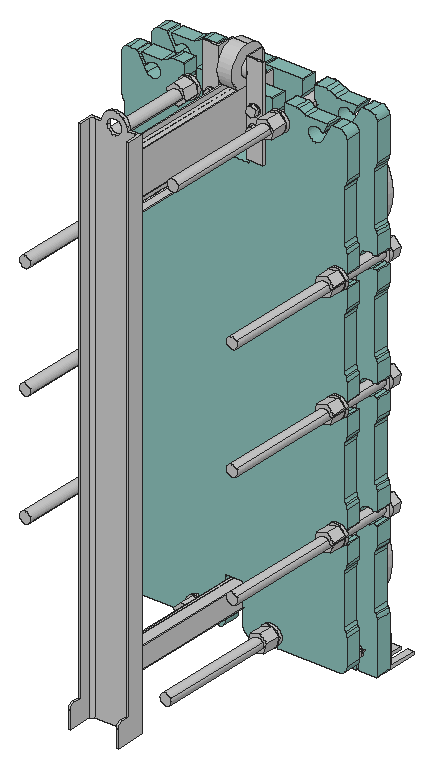
Revit family "Ekin_Endüstriyel - MIT741", category Specialty Equipment, Revit 2022 (continued)
Forms (mm)
  Extrusion 32, void
    sketch origin (-52.5, -548, 0) x (1, 0, 0) y (0, 0, 1)
      loop
        circle (52.5, 1451.5) r 20
    from -8 to 72
  Extrusion 33, void
    sketch origin (-67.5, -620, 0) x (0, 1, 0) y (0, 0, -1)
      loop
        arc (15, -60) -> (4.393, -55.607) -> (0, -45) r 15
        line (0, -45) -> (0, -2134) -> (35, -2134) -> (35, -60) -> (15, -60)
    from -143.878 to 16.14
  Extrusion 34, solid, material "Galvanized Steel- S235JR", detail levels fine
    sketch origin (0, 0, 0) x (1, 0, 0) y (0, 0, 1)
      loop
        circle (252.5, 46.75) r 14
      loop
        circle (-252.5, 46.75) r 14
    from -11 to -8
  Extrusion 35, solid, material "Galvanized Steel", detail levels medium
    sketch origin (4.063, 0, 0) x (1, 0, 0) y (0, 0, 1)
      loop
        line (-309.063, 0) -> (-204.063, 0) -> (-204.063, 25) -> (-179.063, 50) -> (170.937, 50) -> (195.937, 25) -> (195.937, 0) -> (300.937, 0) -> (300.937, 1380) -> (-309.063, 1380) -> (-309.063, 0)
      loop
        circle (-152.563, 1140) r 65
      loop
        circle (-152.563, 250) r 65
      loop
        circle (-284.063, 1004.99) r 21
      loop
        circle (-224.063, 1333) r 20
      loop
        circle (-284.063, 695) r 21
      loop
        circle (-284.063, 385) r 21
      loop
        circle (-256.563, 46.75) r 11
      loop
        circle (-104.063, 77.5) r 21
      loop
        circle (-4.063, 90) r 9.5
      loop
        circle (-4.063, 150) r 9.5
      loop
        circle (-124.063, 1330) r 21
      loop
        circle (-4.063, 1343) r 9.5
      loop
        circle (-4.063, 1283) r 9.5
      loop
        circle (144.437, 1140) r 65
      loop
        circle (144.437, 250) r 65
      loop
        circle (275.937, 1004.99) r 21
      loop
        circle (215.937, 1333) r 20
      loop
        circle (275.937, 695) r 21
      loop
        circle (275.937, 385) r 21
      loop
        circle (248.437, 46.75) r 11
      loop
        circle (95.937, 77.5) r 21
      loop
        circle (115.937, 1330) r 21
    from 0 to 40
  Extrusion 36, solid, material "Galvanized Steel", detail levels medium
    sketch origin (4.063, -102, 0) x (-1, 0, 0) y (0, 0, 1)
      loop
        line (-18.937, 50) -> (-18.937, 180) -> (27.063, 180) -> (27.063, 50) -> (309.063, 50) -> (309.063, 1380) -> (45.063, 1380) -> (45.063, 1200.5) -> (-36.937, 1200.5) -> (-36.937, 1380) -> (-300.937, 1380) -> (-300.937, 50) -> (-18.937, 50)
      loop
        circle (-95.937, 77.5) r 21
      loop
        circle (-275.937, 385) r 21
      loop
        circle (-275.937, 695) r 21
      loop
        circle (-275.937, 1004.99) r 21
      loop
        circle (-115.937, 1330) r 21
      loop
        circle (-215.937, 1333) r 20
      loop
        circle (104.063, 77.5) r 21
      loop
        circle (284.063, 385) r 21
      loop
        circle (284.063, 695) r 21
      loop
        circle (284.063, 1004.99) r 21
      loop
        circle (124.063, 1330) r 21
      loop
        circle (224.063, 1333) r 20
      loop
        circle (61.763, 1337.7) r 10.5
      loop
        circle (61.763, 1287.7) r 10.5
      loop
        circle (-53.637, 1287.7) r 10.5
      loop
        circle (-53.637, 1337.7) r 10.5
    from 0 to -40 <- "Follower Plate"
  Extrusion 37, solid, material "AISI 316L/Titanium/Hastelloy", detail levels medium
    sketch origin (0, -40, 0) x (-1, 0, 0) y (0, 0, 1)
      loop
        circle (-148.5, 1140) r 72.5
      loop
        circle (-148.5, 250) r 72.5
      loop
        line (-10.629, 1246.5) -> (-177, 1246.5) -> (-247, 1176.5) -> (-247, 213.5) -> (-177, 143.5) -> (-10.629, 143.5) -> (-41.555, 177) -> (41.555, 177) -> (10.629, 143.5) -> (177, 143.5) -> (247, 213.5) -> (247, 1176.5) -> (177, 1246.5) -> (10.629, 1246.5) -> (41.555, 1213) -> (-41.555, 1213) -> (-10.629, 1246.5)
      loop
        circle (148.5, 1140) r 72.5
      loop
        circle (148.5, 250) r 72.5
    from 0 to -62
  Extrusion 38, solid, material "AISI 316L/Titanium/Hastelloy", detail levels coarse
    sketch origin (0, -40, 0) x (-1, 0, 0) y (0, 0, 1)
      loop
        line (-33.85, 1246.5) -> (-247, 1246.5) -> (-247, 143.5) -> (-33.85, 143.5) -> (-33.85, 177) -> (33.85, 177) -> (33.85, 143.5) -> (247, 143.5) -> (247, 1246.5) -> (33.85, 1246.5) -> (33.85, 1213) -> (-33.85, 1213) -> (-33.85, 1246.5)
    from 0 to -62
  Extrusion 39, solid, material "Galvanized Steel- S235JR", detail levels coarse
    sketch origin (0, 0, 0) x (1, 0, 0) y (0, 0, 1)
      loop
        circle (148.5, 1140) r 142.5
      loop
        circle (-148.5, 1140) r 142.5
      loop
        circle (148.5, 250) r 142.5
      loop
        circle (-148.5, 250) r 142.5
    from -28.2 to 0
  Extrusion 40, solid, material "Galvanized Steel", detail levels coarse
    sketch origin (4.063, 0, 0) x (1, 0, 0) y (0, 0, 1)
      loop
        line (-309.063, 0) -> (300.937, 0) -> (300.937, 1380) -> (-309.063, 1380) -> (-309.063, 0)
      loop
        circle (-284.063, 1004.99) r 21
      loop
        circle (-284.063, 695) r 21
      loop
        circle (-284.063, 385) r 21
      loop
        circle (-256.563, 46.75) r 11
      loop
        circle (-104.063, 77.5) r 21
      loop
        circle (-124.063, 1330) r 21
      loop
        circle (275.937, 1004.99) r 21
      loop
        circle (275.937, 695) r 21
      loop
        circle (275.937, 385) r 21
      loop
        circle (248.437, 46.75) r 11
      loop
        circle (95.937, 77.5) r 21
      loop
        circle (115.937, 1330) r 21
    from 0 to 40
  Extrusion 41, solid, material "Galvanized Steel", detail levels coarse
    sketch origin (4.063, -102, 0) x (-1, 0, 0) y (0, 0, 1)
      loop
        line (-18.937, 50) -> (-18.937, 180) -> (27.063, 180) -> (27.063, 50) -> (309.063, 50) -> (309.063, 1380) -> (45.063, 1380) -> (45.063, 1200.5) -> (-36.937, 1200.5) -> (-36.937, 1380) -> (-300.937, 1380) -> (-300.937, 50) -> (-18.937, 50)
      loop
        circle (-95.937, 77.5) r 21
      loop
        circle (-275.937, 385) r 21
      loop
        circle (-275.937, 695) r 21
      loop
        circle (-275.937, 1004.99) r 21
      loop
        circle (-115.937, 1330) r 21
      loop
        circle (104.063, 77.5) r 21
      loop
        circle (284.063, 385) r 21
      loop
        circle (284.063, 695) r 21
      loop
        circle (284.063, 1004.99) r 21
      loop
        circle (224.063, 1333) r 20
      loop
        circle (61.763, 1337.7) r 10.5
      loop
        circle (61.763, 1287.7) r 10.5
      loop
        circle (-53.637, 1287.7) r 10.5
      loop
        circle (-53.637, 1337.7) r 10.5
    from 0 to -40 <- "Follower Plate"
  Extrusion 42, solid, material "AISI 316L/Titanium/Hastelloy", detail levels coarse
    sketch origin (0, 0, 0) x (0, 1, 0) y (1, 0, 0)
      loop
        line (-540, 67.5) -> (-620, 67.5) -> (-620, -67.5) -> (-540, -67.5) -> (-540, 67.5)
    from 0 to -1489
Cuts and joins
  Extrusion 17 cuts Extrusion 18
  joined: Extrusion 19, Extrusion 20
  joined: Extrusion 21, Extrusion 22
  Extrusion 32, Extrusion 33 cuts Extrusion 11
Dimensions and locks
  "Lk": plane 7 "1" to plane 6 "2"
  "Head & Follower Plate": plane 1 "Center (Front/Back)" to plane 7 "1"
  "Lc": plane 7 "1" to plane 8 "3"
  "Lc": plane 10 to plane 1 "Center (Front/Back)"
  locked: Extrusion 11 sketch curve to Extrusion 11 sketch curve at 80
  locked: Extrusion 30 to plane 6 "2" at 24.122
  aligned and locked: level to plane 2
  aligned and locked: Extrusion 1 to plane 7 "1"
  aligned and locked: Extrusion 1 to plane 1 "Center (Front/Back)"
  aligned and locked: Extrusion 4 to plane 10
  aligned and locked: Extrusion 4 to plane 1 "Center (Front/Back)"
  aligned and locked: Extrusion 3 to plane 8 "3"
  aligned and locked: Extrusion 3 to Extrusion 1
  aligned and locked: Extrusion 11 sketch curve to Extrusion 11 sketch curve
  aligned and locked: Extrusion 30 to Extrusion 26
  aligned and locked: Extrusion 31 to Extrusion 2
  aligned and locked: Extrusion 37 to Extrusion 36  (x2)
  aligned and locked: Extrusion 2 to Extrusion 38
  aligned and locked: Extrusion 42 sketch curve to cut or joined group of Extrusion 11, Extrusion 32, Extrusion 33  (x4)
Automatic sketch dimensions
  Extrusion 1 sketch curve to Extrusion 1 sketch curve = 0.00 mm  (x39)
  Extrusion 1 sketch curve to level = 0.00 mm  (x4)
  Extrusion 1 sketch curve to plane 3 "Center (Left/Right)" = 0.00 mm  (x4)
  Extrusion 1 sketch curve to plane 3 "Center (Left/Right)" = 3.00 mm  (x4)
  Extrusion 1 sketch curve to Extrusion 1 sketch curve = 2.00 mm  (x50)
  Extrusion 1 sketch curve to Extrusion 1 sketch curve = 76.75 mm  (x2)
  Extrusion 1 sketch curve to Extrusion 1 sketch curve = 16.25 mm  (x18)
  Extrusion 1 sketch curve to Extrusion 1 sketch curve = 96.75 mm  (x2)
  Extrusion 1 sketch curve to Extrusion 1 sketch curve = 32.50 mm  (x4)
  Extrusion 1 sketch curve to plane 3 "Center (Left/Right)" = 148.50 mm  (x2)
  Extrusion 1 sketch curve to Extrusion 1 sketch curve = 26.391 mm  (x2)
  Extrusion 1 sketch curve to Extrusion 1 sketch curve = 50.537 mm  (x2)
  Extrusion 1 sketch curve to Extrusion 1 sketch curve = 10.00 mm  (x6)
  level to Extrusion 1 sketch curve = 45.607 mm  (x2)
  Extrusion 1 sketch curve to Extrusion 1 sketch curve = 10.607 mm  (x6)
  Extrusion 1 sketch curve to Extrusion 1 sketch curve = 16.213 mm  (x2)
  Extrusion 1 sketch curve to Extrusion 1 sketch curve = 11.503 mm  (x2)
  level to Extrusion 1 sketch curve = 29.393 mm  (x2)
  Extrusion 1 sketch curve to Extrusion 1 sketch curve = 4.393 mm  (x2)
  Extrusion 1 sketch curve to Extrusion 1 sketch curve = 23.856 mm  (x2)
  Extrusion 1 sketch curve to Extrusion 1 sketch curve = 17.321 mm  (x8)
  Extrusion 1 sketch curve to Extrusion 1 sketch curve = 1.138 mm  (x2)
  Extrusion 1 sketch curve to Extrusion 1 sketch curve = 1.732 mm  (x6)
  level to Extrusion 1 sketch curve = 2.00 mm  (x4)
  Extrusion 1 sketch curve to Extrusion 1 sketch curve = 45.50 mm  (x4)
  Extrusion 1 sketch curve to Extrusion 1 sketch curve = 12.141 mm  (x2)
  Extrusion 1 sketch curve to Extrusion 1 sketch curve = 3.00 mm  (x4)
  Extrusion 1 sketch curve to Extrusion 1 sketch curve = 6.00 mm  (x2)
  Extrusion 1 sketch curve to Extrusion 1 sketch curve = 10.392 mm  (x2)
  Extrusion 1 sketch curve to plane 3 "Center (Left/Right)" = 280.00 mm
  Extrusion 1 sketch curve to Extrusion 1 sketch curve = 131.50 mm  (x4)
  Extrusion 1 sketch curve to Extrusion 1 sketch curve = 20.544 mm  (x2)
  Extrusion 1 sketch curve to Extrusion 1 sketch curve = 5.00 mm  (x12)
  Extrusion 1 sketch curve to Extrusion 1 sketch curve = 47.679 mm  (x2)
  Extrusion 1 sketch curve to Extrusion 1 sketch curve = 13.998 mm  (x12)
  Extrusion 1 sketch curve to Extrusion 1 sketch curve = 12.00 mm  (x10)
  Extrusion 1 sketch curve to Extrusion 1 sketch curve = 2.679 mm  (x28)
  level to Extrusion 1 sketch curve = 155.349 mm  (x2)
  Extrusion 1 sketch curve to Extrusion 1 sketch curve = 2.641 mm  (x16)
  level to Extrusion 1 sketch curve = 150.775 mm  (x2)
  Extrusion 1 sketch curve to Extrusion 1 sketch curve = 9.002 mm  (x12)
  Extrusion 1 sketch curve to Extrusion 1 sketch curve = 20.00 mm  (x11)
  plane 3 "Center (Left/Right)" to Extrusion 1 sketch curve = 3.00 mm  (x4)
  plane 3 "Center (Left/Right)" to Extrusion 1 sketch curve = 148.50 mm  (x2)
  plane 3 "Center (Left/Right)" to Extrusion 1 sketch curve = 280.00 mm
  Extrusion 1 sketch curve to Extrusion 1 sketch curve = 32.75 mm  (x2)
  Extrusion 1 sketch curve to Extrusion 1 sketch curve = 11.502 mm  (x2)
  Extrusion 1 sketch curve to Extrusion 1 sketch curve = 12.198 mm  (x2)
  Extrusion 1 sketch curve to Extrusion 1 sketch curve = 13.302 mm  (x4)
  Extrusion 1 sketch curve to Extrusion 1 sketch curve = 27.644 mm
  Extrusion 1 sketch curve to Extrusion 1 sketch curve = 10.356 mm  (x6)
  Extrusion 1 sketch curve to Extrusion 1 sketch curve = 39.288 mm  (x2)
  Extrusion 1 sketch curve to Extrusion 1 sketch curve = 84.651 mm  (x2)
  Extrusion 1 sketch curve to Extrusion 1 sketch curve = 129.282 mm  (x8)
  Extrusion 1 sketch curve to Extrusion 1 sketch curve = 4.574 mm  (x14)
  Extrusion 1 sketch curve to Extrusion 1 sketch curve = 47.545 mm  (x4)
  Extrusion 1 sketch curve to Extrusion 1 sketch curve = 47.525 mm  (x4)
  Extrusion 1 sketch curve to Extrusion 1 sketch curve = 47.535 mm  (x4)
  Extrusion 1 sketch curve to Extrusion 1 sketch curve = 69.225 mm  (x2)
  Extrusion 1 sketch curve to Extrusion 1 sketch curve = 143.00 mm
  Extrusion 1 sketch curve to Extrusion 1 sketch curve = 73.795 mm  (x2)
  Extrusion 1 sketch curve to Extrusion 1 sketch curve = 7.00 mm  (x2)
  Extrusion 1 sketch curve to Extrusion 1 sketch curve = 20.971 mm  (x2)
  Extrusion 1 sketch curve to Extrusion 1 sketch curve = 1.00 mm  (x4)
  Extrusion 1 sketch curve to Extrusion 1 sketch curve = 4.029 mm  (x2)
  Extrusion 1 sketch curve to Extrusion 1 sketch curve = 16.698 mm  (x2)
  Extrusion 1 sketch curve to Extrusion 1 sketch curve = 6.641 mm  (x2)
  Extrusion 1 sketch curve to Extrusion 1 sketch curve = 43.592 mm  (x8)
  Extrusion 1 sketch curve to Extrusion 1 sketch curve = 48.216 mm  (x4)
  plane 3 "Center (Left/Right)" to Extrusion 2 sketch curve = 317.00 mm  (x3)
  Extrusion 2 sketch curve to Extrusion 2 sketch curve = 0.00 mm  (x25)
  Extrusion 2 sketch curve to Extrusion 2 sketch curve = 12.00 mm  (x11)
  Extrusion 2 sketch curve to Extrusion 2 sketch curve = 2.00 mm  (x33)
  Extrusion 2 sketch curve to Extrusion 2 sketch curve = 2.679 mm  (x25)
  level to Extrusion 2 sketch curve = 150.775 mm  (x2)
  Extrusion 2 sketch curve to Extrusion 2 sketch curve = 2.641 mm  (x16)
  level to Extrusion 2 sketch curve = 155.349 mm  (x2)
  Extrusion 2 sketch curve to Extrusion 2 sketch curve = 9.002 mm  (x12)
  Extrusion 2 sketch curve to Extrusion 2 sketch curve = 17.321 mm  (x11)
  Extrusion 2 sketch curve to Extrusion 2 sketch curve = 20.00 mm  (x12)
  Extrusion 2 sketch curve to Extrusion 2 sketch curve = 13.998 mm  (x9)
  Extrusion 2 sketch curve to Extrusion 2 sketch curve = 20.544 mm  (x2)
  Extrusion 2 sketch curve to Extrusion 2 sketch curve = 1.732 mm  (x6)
  Extrusion 2 sketch curve to Extrusion 2 sketch curve = 10.392 mm  (x2)
  Extrusion 2 sketch curve to Extrusion 2 sketch curve = 12.141 mm  (x2)
  Extrusion 2 sketch curve to Extrusion 2 sketch curve = 2.87 mm
  Extrusion 2 sketch curve to Extrusion 2 sketch curve = 23.856 mm  (x2)
  Extrusion 2 sketch curve to Extrusion 2 sketch curve = 10.00 mm  (x6)
  Extrusion 2 sketch curve to Extrusion 2 sketch curve = 11.503 mm  (x2)
  Extrusion 2 sketch curve to Extrusion 2 sketch curve = 26.391 mm  (x2)
  Extrusion 2 sketch curve to Extrusion 2 sketch curve = 28.391 mm
  Extrusion 2 sketch curve to Extrusion 2 sketch curve = 16.25 mm  (x18)
  level to Extrusion 2 sketch curve = 52.00 mm
  plane 3 "Center (Left/Right)" to Extrusion 2 sketch curve = 118.25 mm
  Extrusion 2 sketch curve to Extrusion 2 sketch curve = 32.50 mm  (x2)
  Extrusion 2 sketch curve to Extrusion 2 sketch curve = 46.05 mm
  Extrusion 2 sketch curve to Extrusion 2 sketch curve = 10.062 mm  (x4)
  Extrusion 2 sketch curve to Extrusion 2 sketch curve = 38.75 mm  (x2)
  Extrusion 2 sketch curve to Extrusion 2 sketch curve = 6.638 mm  (x4)
  Extrusion 2 sketch curve to Extrusion 2 sketch curve = 3.00 mm  (x8)
  Extrusion 2 sketch curve to plane 3 "Center (Left/Right)" = 20.00 mm
  Extrusion 2 sketch curve to plane 3 "Center (Left/Right)" = 39.00 mm
  Extrusion 2 sketch curve to plane 3 "Center (Left/Right)" = 41.00 mm
  Extrusion 2 sketch curve to Extrusion 2 sketch curve = 60.75 mm
  Extrusion 2 sketch curve to Extrusion 2 sketch curve = 1.138 mm
  Extrusion 2 sketch curve to plane 3 "Center (Left/Right)" = 280.00 mm  (x3)
  Extrusion 2 sketch curve to Extrusion 2 sketch curve = 5.00 mm  (x6)
  Extrusion 2 sketch curve to Extrusion 2 sketch curve = 47.679 mm
  level to Extrusion 2 sketch curve = 50.00 mm  (x3)
  Extrusion 2 sketch curve to Extrusion 2 sketch curve = 166.75 mm
  Extrusion 2 sketch curve to Extrusion 2 sketch curve = 11.502 mm  (x2)
  Extrusion 2 sketch curve to Extrusion 2 sketch curve = 12.198 mm  (x2)
  Extrusion 2 sketch curve to Extrusion 2 sketch curve = 13.302 mm  (x4)
  Extrusion 2 sketch curve to Extrusion 2 sketch curve = 107.00 mm
  Extrusion 2 sketch curve to Extrusion 2 sketch curve = 129.282 mm  (x8)
  Extrusion 2 sketch curve to Extrusion 2 sketch curve = 4.574 mm  (x14)
  Extrusion 2 sketch curve to Extrusion 2 sketch curve = 47.545 mm  (x4)
  Extrusion 2 sketch curve to Extrusion 2 sketch curve = 47.525 mm  (x4)
  Extrusion 2 sketch curve to Extrusion 2 sketch curve = 47.535 mm  (x4)
  Extrusion 2 sketch curve to Extrusion 2 sketch curve = 129.725 mm
  Extrusion 2 sketch curve to Extrusion 2 sketch curve = 82.20 mm
  Extrusion 2 sketch curve to Extrusion 2 sketch curve = 73.795 mm  (x2)
  Extrusion 2 sketch curve to Extrusion 2 sketch curve = 42.30 mm  (x2)
  Extrusion 2 sketch curve to Extrusion 2 sketch curve = 44.00 mm  (x2)
  Extrusion 2 sketch curve to Extrusion 2 sketch curve = 20.971 mm  (x2)
  Extrusion 2 sketch curve to Extrusion 2 sketch curve = 1.00 mm  (x4)
  Extrusion 2 sketch curve to Extrusion 2 sketch curve = 4.029 mm  (x2)
  Extrusion 2 sketch curve to Extrusion 2 sketch curve = 16.698 mm  (x2)
  Extrusion 2 sketch curve to Extrusion 2 sketch curve = 6.641 mm  (x2)
  Extrusion 3 sketch curve to plane 3 "Center (Left/Right)" = 26.125 mm
  Extrusion 3 sketch curve to plane 3 "Center (Left/Right)" = 23.125 mm
  Extrusion 3 sketch curve to Extrusion 3 sketch curve = 2.00 mm  (x11)
  Extrusion 3 sketch curve to Extrusion 3 sketch curve = 3.00 mm  (x10)
  Extrusion 3 sketch curve to plane 3 "Center (Left/Right)" = 20.00 mm
  Extrusion 3 sketch curve to Extrusion 3 sketch curve = 1.00 mm  (x2)
  Extrusion 3 sketch curve to Extrusion 3 sketch curve = 6.00 mm  (x2)
  Extrusion 3 sketch curve to plane 3 "Center (Left/Right)" = 6.125 mm  (x2)
  Extrusion 3 sketch curve to plane 3 "Center (Left/Right)" = 3.125 mm
  plane 3 "Center (Left/Right)" to Extrusion 3 sketch curve = 2.875 mm  (x2)
  plane 3 "Center (Left/Right)" to Extrusion 3 sketch curve = 12.875 mm
  Extrusion 3 sketch curve to Extrusion 3 sketch curve = 7.00 mm  (x2)
  plane 3 "Center (Left/Right)" to Extrusion 3 sketch curve = 15.00 mm  (x2)
  Extrusion 3 sketch curve to Extrusion 3 sketch curve = 8.00 mm
  Extrusion 3 sketch curve to Extrusion 3 sketch curve = 20.00 mm
  level to Extrusion 3 sketch curve = 110.00 mm
  Extrusion 3 sketch curve to Extrusion 3 sketch curve = 50.00 mm
  Extrusion 3 sketch curve to Extrusion 3 sketch curve = 1057.00 mm
  Extrusion 3 sketch curve to Extrusion 3 sketch curve = 0.00 mm  (x3)
  Extrusion 3 sketch curve to Extrusion 3 sketch curve = 24.00 mm
  Extrusion 3 sketch curve to Extrusion 3 sketch curve = 86.00 mm
  Extrusion 3 sketch curve to Extrusion 3 sketch curve = 5.00 mm
  Extrusion 3 sketch curve to Extrusion 3 sketch curve = 12.00 mm  (x2)
  Extrusion 4 sketch curve to Extrusion 4 sketch curve = 0.00 mm  (x21)
  Extrusion 4 sketch curve to plane 3 "Center (Left/Right)" = 280.00 mm  (x3)
  Extrusion 4 sketch curve to plane 3 "Center (Left/Right)" = 120.00 mm
  Extrusion 4 sketch curve to plane 3 "Center (Left/Right)" = 100.00 mm
  plane 3 "Center (Left/Right)" to Extrusion 4 sketch curve = 100.00 mm
  plane 3 "Center (Left/Right)" to Extrusion 4 sketch curve = 120.00 mm
  plane 3 "Center (Left/Right)" to Extrusion 4 sketch curve = 280.00 mm  (x3)
  level to Extrusion 4 sketch curve = 77.50 mm  (x2)
  Extrusion 4 sketch curve to Extrusion 4 sketch curve = 307.49 mm  (x2)
  Extrusion 4 sketch curve to Extrusion 4 sketch curve = 310.00 mm  (x4)
  Extrusion 4 sketch curve to Extrusion 4 sketch curve = 325.01 mm
  Extrusion 4 sketch curve to Extrusion 4 sketch curve = 12.035 mm  (x12)
  Extrusion 4 sketch curve to Extrusion 4 sketch curve = 14.022 mm  (x8)
  Extrusion 4 sketch curve to Extrusion 4 sketch curve = 5.327 mm  (x4)
  Extrusion 4 sketch curve to Extrusion 4 sketch curve = 8.953 mm  (x6)
  level to Extrusion 5 sketch curve = 46.189 mm
  Extrusion 5 sketch curve to plane 3 "Center (Left/Right)" = 266.345 mm
  level to Extrusion 5 sketch curve = 58.46 mm
  Extrusion 5 sketch curve to Extrusion 5 sketch curve = 6.437 mm
  level to Extrusion 5 sketch curve = 34.479 mm
  Extrusion 5 sketch curve to Extrusion 5 sketch curve = 7.408 mm  (x2)
  level to Extrusion 5 sketch curve = 59.021 mm
  Extrusion 5 sketch curve to Extrusion 5 sketch curve = 13.845 mm  (x2)
  level to Extrusion 5 sketch curve = 35.04 mm
  level to Extrusion 5 sketch curve = 47.311 mm
  level to Extrusion 5 sketch curve = 41.574 mm
  plane 3 "Center (Left/Right)" to Extrusion 5 sketch curve = 239.647 mm
  level to Extrusion 5 sketch curve = 55.293 mm
  Extrusion 5 sketch curve to Extrusion 5 sketch curve = 1.944 mm  (x2)
  level to Extrusion 5 sketch curve = 33.031 mm
  Extrusion 5 sketch curve to Extrusion 5 sketch curve = 10.909 mm
  level to Extrusion 5 sketch curve = 60.469 mm
  Extrusion 5 sketch curve to Extrusion 5 sketch curve = 12.853 mm  (x2)
  level to Extrusion 5 sketch curve = 38.207 mm
  level to Extrusion 5 sketch curve = 51.926 mm
  Extrusion 6 sketch curve to Extrusion 6 sketch curve = 0.00 mm  (x2)
  Extrusion 6 sketch curve to Extrusion 1 = 4.485 mm  (x2)
  Extrusion 1 to Extrusion 6 sketch curve = 1.036 mm  (x2)
  Extrusion 7 sketch curve to Extrusion 7 sketch curve = 0.00 mm  (x4)
  level to Extrusion 7 sketch curve = 46.75 mm  (x2)
  Extrusion 7 sketch curve to plane 3 "Center (Left/Right)" = 252.50 mm
  plane 3 "Center (Left/Right)" to Extrusion 7 sketch curve = 252.50 mm
  Extrusion 7 sketch curve to Extrusion 7 sketch curve = 3.743 mm  (x2)
  Extrusion 7 sketch curve to Extrusion 7 sketch curve = 0.982 mm  (x2)
  Extrusion 7 sketch curve to Extrusion 7 sketch curve = 5.915 mm
  Extrusion 7 sketch curve to Extrusion 7 sketch curve = 6.931 mm
  Extrusion 1 to Extrusion 8 sketch curve = 3.811 mm
  Extrusion 8 sketch curve to Extrusion 1 = 10.845 mm  (x2)
  Extrusion 8 sketch curve to Extrusion 1 = 4.408 mm  (x2)
  Extrusion 8 sketch curve to Extrusion 1 = 3.437 mm  (x2)
  Extrusion 1 to Extrusion 8 sketch curve = 2.689 mm
  Extrusion 8 sketch curve to Extrusion 1 = 9.853 mm  (x2)
  Extrusion 8 sketch curve to Extrusion 1 = 7.909 mm  (x2)
  Extrusion 1 to Extrusion 8 sketch curve = 1.056 mm  (x2)
  Extrusion 8 sketch curve to Extrusion 1 = 1.926 mm
  Extrusion 1 to Extrusion 8 sketch curve = 8.426 mm
  Extrusion 1 to Extrusion 8 sketch curve = 11.793 mm
  Extrusion 8 sketch curve to Extrusion 8 sketch curve = 12.271 mm
  Extrusion 8 sketch curve to Extrusion 8 sketch curve = 11.71 mm
  Extrusion 8 sketch curve to Extrusion 8 sketch curve = 5.176 mm
  Extrusion 8 sketch curve to Extrusion 1 = 5.293 mm
  Extrusion 8 sketch curve to Extrusion 1 = 8.46 mm
  Extrusion 8 sketch curve to Extrusion 1 = 9.021 mm
  Extrusion 8 sketch curve to Extrusion 1 = 10.469 mm
  Extrusion 9 sketch curve to plane 3 "Center (Left/Right)" = 272.872 mm  (x2)
  Extrusion 9 sketch curve to Extrusion 9 sketch curve = 1.261 mm  (x6)
  Extrusion 9 sketch curve to Extrusion 9 sketch curve = 0.508 mm  (x25)
  Extrusion 9 sketch curve to Extrusion 9 sketch curve = 4.075 mm  (x18)
  Extrusion 9 sketch curve to Extrusion 9 sketch curve = 9.432 mm  (x30)
  Extrusion 9 sketch curve to Extrusion 9 sketch curve = 11.738 mm  (x23)
  Extrusion 9 sketch curve to Extrusion 9 sketch curve = 12.246 mm  (x32)
  Extrusion 9 sketch curve to Extrusion 9 sketch curve = 13.507 mm  (x32)
  Extrusion 9 sketch curve to Extrusion 9 sketch curve = 41.665 mm  (x8)
  Extrusion 9 sketch curve to Extrusion 9 sketch curve = 39.454 mm  (x6)
  Extrusion 9 sketch curve to Extrusion 9 sketch curve = 3.093 mm  (x19)
  Extrusion 9 sketch curve to Extrusion 9 sketch curve = 6.483 mm  (x20)
  Extrusion 9 sketch curve to Extrusion 9 sketch curve = 7.364 mm  (x28)
  Extrusion 9 sketch curve to Extrusion 9 sketch curve = 10.151 mm  (x29)
  Extrusion 9 sketch curve to Extrusion 9 sketch curve = 13.244 mm  (x32)
  Extrusion 9 sketch curve to Extrusion 9 sketch curve = 13.847 mm  (x32)
  Extrusion 9 sketch curve to Extrusion 9 sketch curve = 64.753 mm  (x16)
  Extrusion 9 sketch curve to plane 3 "Center (Left/Right)" = 51.141 mm  (x2)
  Extrusion 9 sketch curve to plane 3 "Center (Left/Right)" = 49.881 mm  (x2)
  plane 3 "Center (Left/Right)" to Extrusion 9 sketch curve = 24.128 mm  (x2)
  plane 3 "Center (Left/Right)" to Extrusion 9 sketch curve = 25.388 mm  (x2)
  Extrusion 9 sketch curve to Extrusion 9 sketch curve = 44.953 mm  (x6)
  Extrusion 9 sketch curve to Extrusion 9 sketch curve = 42.547 mm  (x6)
  level to Extrusion 9 sketch curve = 125.628 mm  (x2)
  Extrusion 9 sketch curve to Extrusion 9 sketch curve = 0.603 mm  (x2)
  Extrusion 9 sketch curve to Extrusion 9 sketch curve = 642.516 mm
  Extrusion 9 sketch curve to Extrusion 9 sketch curve = 0.00 mm
  Extrusion 10 sketch curve to plane 3 "Center (Left/Right)" = 13.027 mm
  Extrusion 10 sketch curve to plane 3 "Center (Left/Right)" = 12.909 mm
  Extrusion 10 sketch curve to plane 3 "Center (Left/Right)" = 12.854 mm
  Extrusion 10 sketch curve to plane 3 "Center (Left/Right)" = 12.05 mm
  Extrusion 10 sketch curve to plane 3 "Center (Left/Right)" = 11.95 mm
  Extrusion 10 sketch curve to plane 3 "Center (Left/Right)" = 10.908 mm
  Extrusion 10 sketch curve to plane 3 "Center (Left/Right)" = 10.816 mm
  Extrusion 10 sketch curve to plane 3 "Center (Left/Right)" = 10.602 mm
  Extrusion 10 sketch curve to plane 3 "Center (Left/Right)" = 2.425 mm
  Extrusion 10 sketch curve to plane 3 "Center (Left/Right)" = 2.093 mm
  Extrusion 10 sketch curve to plane 3 "Center (Left/Right)" = 1.946 mm
  Extrusion 10 sketch curve to plane 3 "Center (Left/Right)" = 0.10 mm
  plane 3 "Center (Left/Right)" to Extrusion 10 sketch curve = 0.10 mm
  plane 3 "Center (Left/Right)" to Extrusion 10 sketch curve = 1.946 mm
  plane 3 "Center (Left/Right)" to Extrusion 10 sketch curve = 2.093 mm
  plane 3 "Center (Left/Right)" to Extrusion 10 sketch curve = 2.425 mm
  plane 3 "Center (Left/Right)" to Extrusion 10 sketch curve = 10.602 mm
  plane 3 "Center (Left/Right)" to Extrusion 10 sketch curve = 10.816 mm
  plane 3 "Center (Left/Right)" to Extrusion 10 sketch curve = 10.908 mm
  plane 3 "Center (Left/Right)" to Extrusion 10 sketch curve = 11.95 mm
  plane 3 "Center (Left/Right)" to Extrusion 10 sketch curve = 12.05 mm
  plane 3 "Center (Left/Right)" to Extrusion 10 sketch curve = 12.854 mm
  plane 3 "Center (Left/Right)" to Extrusion 10 sketch curve = 12.909 mm
  plane 3 "Center (Left/Right)" to Extrusion 10 sketch curve = 13.027 mm
  level to Extrusion 10 sketch curve = 76.303 mm
  Extrusion 10 sketch curve to Extrusion 10 sketch curve = 5.036 mm
  Extrusion 10 sketch curve to Extrusion 10 sketch curve = 8.661 mm  (x2)
  Extrusion 10 sketch curve to Extrusion 10 sketch curve = 13.697 mm  (x2)
  Extrusion 10 sketch curve to Extrusion 10 sketch curve = 32.583 mm
  Extrusion 10 sketch curve to Extrusion 10 sketch curve = 5.174 mm
  Extrusion 10 sketch curve to Extrusion 10 sketch curve = 8.545 mm  (x2)
  Extrusion 10 sketch curve to Extrusion 10 sketch curve = 13.719 mm  (x2)
  Extrusion 10 sketch curve to Extrusion 10 sketch curve = 1105.638 mm
  Extrusion 10 sketch curve to Extrusion 10 sketch curve = 4.721 mm  (x2)
  Extrusion 10 sketch curve to Extrusion 10 sketch curve = 8.922 mm
  Extrusion 10 sketch curve to Extrusion 10 sketch curve = 13.643 mm  (x2)
  Extrusion 10 sketch curve to Extrusion 10 sketch curve = 32.501 mm
  Extrusion 10 sketch curve to Extrusion 10 sketch curve = 6.842 mm
  Extrusion 10 sketch curve to Extrusion 10 sketch curve = 7.014 mm  (x2)
  Extrusion 10 sketch curve to Extrusion 10 sketch curve = 13.856 mm  (x2)
  Extrusion 11 sketch curve to plane 8 "3" = 0.00 mm
  Extrusion 11 sketch curve to plane 3 "Center (Left/Right)" = 67.50 mm
  Extrusion 11 sketch curve to Extrusion 11 sketch curve = 5.00 mm
  Extrusion 11 sketch curve to plane 8 "3" = 8.00 mm
  Extrusion 11 sketch curve to Extrusion 11 sketch curve = 10.00 mm
  plane 3 "Center (Left/Right)" to Extrusion 11 sketch curve = 52.50 mm
  plane 3 "Center (Left/Right)" to Extrusion 11 sketch curve = 62.50 mm
  Extrusion 11 sketch curve to Extrusion 11 sketch curve = 15.00 mm
  Extrusion 12 sketch curve to Extrusion 12 sketch curve = 0.00 mm  (x121)
  Extrusion 12 sketch curve to plane 3 "Center (Left/Right)" = 280.00 mm  (x3)
  Extrusion 12 sketch curve to plane 3 "Center (Left/Right)" = 120.00 mm
  Extrusion 12 sketch curve to plane 3 "Center (Left/Right)" = 100.00 mm
  plane 3 "Center (Left/Right)" to Extrusion 12 sketch curve = 100.00 mm
  plane 3 "Center (Left/Right)" to Extrusion 12 sketch curve = 120.00 mm
  plane 3 "Center (Left/Right)" to Extrusion 12 sketch curve = 280.00 mm  (x3)
  level to Extrusion 12 sketch curve = 77.50 mm  (x2)
  Extrusion 12 sketch curve to Extrusion 12 sketch curve = 307.49 mm  (x2)
  Extrusion 12 sketch curve to Extrusion 12 sketch curve = 310.00 mm  (x4)
  Extrusion 12 sketch curve to Extrusion 12 sketch curve = 325.01 mm
  Extrusion 12 sketch curve to Extrusion 12 sketch curve = 0.472 mm  (x10)
  Extrusion 12 sketch curve to Extrusion 12 sketch curve = 12.035 mm  (x12)
  Extrusion 12 sketch curve to Extrusion 12 sketch curve = 12.508 mm  (x6)
  Extrusion 12 sketch curve to Extrusion 12 sketch curve = 14.022 mm  (x8)
  Extrusion 12 sketch curve to Extrusion 12 sketch curve = 14.494 mm  (x4)
  Extrusion 12 sketch curve to Extrusion 12 sketch curve = 5.327 mm  (x4)
  Extrusion 12 sketch curve to Extrusion 12 sketch curve = 22.169 mm  (x2)
  Extrusion 12 sketch curve to Extrusion 12 sketch curve = 27.496 mm  (x8)
  Extrusion 12 sketch curve to Extrusion 12 sketch curve = 8.953 mm  (x6)
  Extrusion 2 to Extrusion 13 sketch curve = 0.66 mm  (x6)
  Extrusion 2 to Extrusion 13 sketch curve = 1.76 mm  (x6)
  Extrusion 13 sketch curve to Extrusion 2 = 10.10 mm  (x6)
  Extrusion 13 sketch curve to Extrusion 2 = 9.406 mm  (x4)
  Extrusion 13 sketch curve to Extrusion 2 = 23.90 mm  (x6)
  Extrusion 13 sketch curve to Extrusion 2 = 9.396 mm  (x4)
  Extrusion 13 sketch curve to Extrusion 2 = 2.539 mm  (x4)
  Extrusion 13 sketch curve to Extrusion 13 sketch curve = 25.66 mm  (x3)
  Extrusion 13 sketch curve to Extrusion 2 = 2.549 mm  (x4)
  Extrusion 2 to Extrusion 13 sketch curve = 9.393 mm  (x4)
  Extrusion 13 sketch curve to Extrusion 13 sketch curve = 18.76 mm  (x2)
  Extrusion 13 sketch curve to Extrusion 13 sketch curve = 6.90 mm  (x4)
  Extrusion 2 to Extrusion 13 sketch curve = 9.403 mm  (x4)
  Extrusion 2 to Extrusion 13 sketch curve = 2.147 mm  (x2)
  Extrusion 13 sketch curve to Extrusion 2 = 9.41 mm  (x8)
  Extrusion 13 sketch curve to Extrusion 2 = 2.51 mm  (x8)
  Extrusion 2 to Extrusion 13 sketch curve = 9.35 mm  (x4)
  Extrusion 2 to Extrusion 13 sketch curve = 3.15 mm  (x4)
  Extrusion 13 sketch curve to Extrusion 2 = 1.854 mm  (x2)
  Extrusion 13 sketch curve to Extrusion 2 = 42.66 mm  (x3)
  Extrusion 13 sketch curve to Extrusion 2 = 8.701 mm  (x2)
  Extrusion 13 sketch curve to Extrusion 2 = 20.653 mm  (x2)
  Extrusion 13 sketch curve to Extrusion 13 sketch curve = 25.646 mm  (x4)
  Extrusion 13 sketch curve to Extrusion 13 sketch curve = 6.847 mm  (x2)
  Extrusion 13 sketch curve to Extrusion 2 = 2.559 mm  (x4)
  Extrusion 2 to Extrusion 13 sketch curve = 9.413 mm  (x4)
  Extrusion 13 sketch curve to Extrusion 2 = 9.386 mm  (x4)
  Extrusion 13 sketch curve to Extrusion 2 = 13.654 mm  (x2)
  Extrusion 13 sketch curve to Extrusion 2 = 20.501 mm  (x2)
  Extrusion 13 sketch curve to Extrusion 2 = 11.547 mm  (x2)
  Extrusion 13 sketch curve to Extrusion 2 = 8.099 mm  (x2)
  Extrusion 13 sketch curve to Extrusion 2 = 12.354 mm  (x2)
  Extrusion 14 sketch curve to Extrusion 14 sketch curve = 0.00 mm  (x60)
  Extrusion 14 sketch curve to Extrusion 2 = 17.00 mm  (x4)
  Extrusion 2 to Extrusion 14 sketch curve = 16.24 mm  (x4)
  Extrusion 14 sketch curve to Extrusion 2 = 16.528 mm  (x4)
  Extrusion 14 sketch curve to Extrusion 2 = 11.246 mm  (x4)
  Extrusion 14 sketch curve to Extrusion 2 = 4.965 mm  (x6)
  Extrusion 14 sketch curve to Extrusion 2 = 17.472 mm  (x4)
  Extrusion 2 to Extrusion 14 sketch curve = 7.287 mm  (x4)
  Extrusion 14 sketch curve to Extrusion 14 sketch curve = 12.035 mm  (x4)
  Extrusion 2 to Extrusion 14 sketch curve = 7.297 mm  (x2)
  Extrusion 2 to Extrusion 14 sketch curve = 0.627 mm  (x2)
  Extrusion 14 sketch curve to Extrusion 2 = 4.222 mm  (x4)
  Extrusion 14 sketch curve to Extrusion 2 = 3.278 mm  (x2)
  Extrusion 2 to Extrusion 14 sketch curve = 2.228 mm  (x6)
  Extrusion 14 sketch curve to Extrusion 2 = 0.004 mm  (x2)
  Extrusion 14 sketch curve to Extrusion 2 = 11.256 mm  (x4)
  Extrusion 15 sketch curve to plane 3 "Center (Left/Right)" = 305.66 mm  (x3)
  Extrusion 15 sketch curve to Extrusion 15 sketch curve = 6.90 mm  (x14)
  Extrusion 15 sketch curve to Extrusion 15 sketch curve = 18.76 mm  (x16)
  Extrusion 15 sketch curve to Extrusion 15 sketch curve = 25.66 mm  (x20)
  Extrusion 15 sketch curve to plane 3 "Center (Left/Right)" = 145.66 mm
  Extrusion 15 sketch curve to plane 3 "Center (Left/Right)" = 125.66 mm
  level to Extrusion 15 sketch curve = 58.701 mm  (x2)
  plane 3 "Center (Left/Right)" to Extrusion 15 sketch curve = 74.34 mm
  plane 3 "Center (Left/Right)" to Extrusion 15 sketch curve = 94.34 mm
  plane 3 "Center (Left/Right)" to Extrusion 15 sketch curve = 254.34 mm  (x3)
  Extrusion 15 sketch curve to Extrusion 15 sketch curve = 6.847 mm  (x16)
  Extrusion 15 sketch curve to Extrusion 15 sketch curve = 18.799 mm  (x14)
  Extrusion 15 sketch curve to Extrusion 15 sketch curve = 25.646 mm  (x20)
  Extrusion 15 sketch curve to Extrusion 15 sketch curve = 256.198 mm  (x2)
  Extrusion 15 sketch curve to Extrusion 15 sketch curve = 258.708 mm  (x4)
  Extrusion 15 sketch curve to Extrusion 15 sketch curve = 280.565 mm
  Extrusion 15 sketch curve to Extrusion 15 sketch curve = 0.00 mm
  Extrusion 16 sketch curve to Extrusion 16 sketch curve = 0.00 mm  (x49)
  Extrusion 16 sketch curve to plane 3 "Center (Left/Right)" = 148.50 mm  (x2)
  plane 3 "Center (Left/Right)" to Extrusion 16 sketch curve = 148.50 mm  (x2)
  level to Extrusion 16 sketch curve = 250.00 mm  (x2)
  Extrusion 16 sketch curve to Extrusion 16 sketch curve = 890.00 mm
  Extrusion 16 sketch curve to Extrusion 16 sketch curve = 85.25 mm  (x2)
  Extrusion 16 sketch curve to Extrusion 16 sketch curve = 57.25 mm  (x4)
  Extrusion 16 sketch curve to Extrusion 16 sketch curve = 142.50 mm  (x2)
  plane 1 "Center (Front/Back)" to Extrusion 17 sketch curve = 0.00 mm
  plane 9 "Bolt End" to Extrusion 17 sketch curve = 26.30 mm  (x4)
  Extrusion 17 sketch curve to Extrusion 17 sketch curve = 6.164 mm  (x8)
  Extrusion 17 sketch curve to Extrusion 17 sketch curve = 33.836 mm
  Extrusion 17 sketch curve to Extrusion 17 sketch curve = 0.00 mm  (x4)
  plane 3 "Center (Left/Right)" to Extrusion 17 sketch curve = 286.00 mm
  Extrusion 17 sketch curve to Extrusion 17 sketch curve = 8.50 mm  (x4)
  Extrusion 17 sketch curve to Extrusion 17 sketch curve = 33.00 mm  (x2)
  Extrusion 17 sketch curve to Extrusion 17 sketch curve = 16.00 mm  (x2)
  Extrusion 17 sketch curve to plane 3 "Center (Left/Right)" = 203.00 mm
  Extrusion 18 sketch curve to plane 1 "Center (Front/Back)" = 0.00 mm
  Extrusion 18 sketch curve to level = 0.00 mm
  level to Extrusion 18 sketch curve = 3.00 mm
  Extrusion 18 sketch curve to plane 1 "Center (Front/Back)" = 8.00 mm
  Extrusion 18 sketch curve to Extrusion 18 sketch curve = 3.00 mm
  plane 9 "Bolt End" to Extrusion 18 sketch curve = 66.30 mm
  Extrusion 18 sketch curve to Extrusion 18 sketch curve = 8.00 mm
  Extrusion 18 sketch curve to Extrusion 18 sketch curve = 74.00 mm
  Extrusion 19 sketch curve to Extrusion 19 sketch curve = 0.00 mm  (x9)
  Extrusion 19 sketch curve to Extrusion 2 = 1.75 mm  (x2)
  Extrusion 2 to Extrusion 19 sketch curve = 2.628 mm  (x4)
  Extrusion 19 sketch curve to Extrusion 2 = 16.712 mm  (x2)
  Extrusion 2 to Extrusion 19 sketch curve = 4.00 mm  (x2)
  Extrusion 19 sketch curve to Extrusion 2 = 16.708 mm  (x2)
  Extrusion 2 to Extrusion 19 sketch curve = 10.067 mm  (x2)
  Extrusion 2 to Extrusion 19 sketch curve = 80.567 mm
  Extrusion 2 to Extrusion 19 sketch curve = 1.529 mm  (x4)
  Extrusion 19 sketch curve to Extrusion 19 sketch curve = 7.924 mm  (x4)
  Extrusion 2 to Extrusion 19 sketch curve = 2.273 mm  (x4)
  Extrusion 20 sketch curve to Extrusion 19 = 0.00 mm  (x5)
  Extrusion 19 to Extrusion 20 sketch curve = 0.00 mm
  Extrusion 20 sketch curve to Extrusion 19 = 4.00 mm
  Extrusion 20 sketch curve to Extrusion 20 sketch curve = 4.00 mm
  Extrusion 21 sketch curve to Extrusion 21 sketch curve = 0.00 mm  (x2)
  Extrusion 20 to Extrusion 21 sketch curve = 19.562 mm
  Extrusion 21 sketch curve to Extrusion 20 = 42.507 mm
  Extrusion 20 to Extrusion 22 sketch curve = 19.563 mm
  Extrusion 22 sketch curve to Extrusion 20 = 42.499 mm
  Extrusion 23 sketch curve to Extrusion 23 sketch curve = 0.00 mm  (x2)
  Extrusion 20 to Extrusion 23 sketch curve = 19.562 mm
  Extrusion 23 sketch curve to Extrusion 20 = 42.507 mm
  Extrusion 23 sketch curve to Extrusion 23 sketch curve = 2.062 mm  (x2)
  Extrusion 23 sketch curve to Extrusion 23 sketch curve = 7.73 mm
  Extrusion 20 to Extrusion 24 sketch curve = 18.60 mm
  Extrusion 24 sketch curve to Extrusion 20 = 55.32 mm
  Extrusion 20 to Extrusion 24 sketch curve = 9.385 mm
  Extrusion 24 sketch curve to Extrusion 24 sketch curve = 3.083 mm
  Extrusion 20 to Extrusion 24 sketch curve = 9.423 mm
  Extrusion 24 sketch curve to Extrusion 24 sketch curve = 9.73 mm  (x2)
  Extrusion 20 to Extrusion 24 sketch curve = 5.548 mm
  Extrusion 24 sketch curve to Extrusion 24 sketch curve = 12.813 mm  (x2)
  Extrusion 20 to Extrusion 24 sketch curve = 13.26 mm
  Extrusion 20 to Extrusion 24 sketch curve = 14.725 mm
  Extrusion 25 sketch curve to Extrusion 25 sketch curve = 0.00 mm  (x2)
  Extrusion 20 to Extrusion 25 sketch curve = 19.562 mm
  Extrusion 25 sketch curve to Extrusion 20 = 42.507 mm
  Extrusion 25 sketch curve to Extrusion 25 sketch curve = 14.098 mm  (x2)
  Extrusion 20 to Extrusion 25 sketch curve = 14.44 mm
  Extrusion 26 sketch curve to Extrusion 26 sketch curve = 0.00 mm  (x8)
  Extrusion 2 to Extrusion 26 sketch curve = 2.895 mm  (x4)
  Extrusion 26 sketch curve to Extrusion 2 = 16.708 mm  (x4)
  Extrusion 26 sketch curve to Extrusion 2 = 3.638 mm  (x4)
  Extrusion 26 sketch curve to Extrusion 2 = 12.54 mm  (x2)
  Extrusion 26 sketch curve to Extrusion 2 = 3.205 mm  (x4)
  Extrusion 26 sketch curve to Extrusion 26 sketch curve = 13.503 mm  (x2)
  Extrusion 27 sketch curve to Extrusion 2 = 3.182 mm  (x4)
  Extrusion 27 sketch curve to Extrusion 2 = 13.049 mm  (x4)
  Extrusion 27 sketch curve to Extrusion 2 = 5.214 mm  (x4)
  Extrusion 27 sketch curve to Extrusion 2 = 14.102 mm  (x4)
  Extrusion 27 sketch curve to Extrusion 27 sketch curve = 11.941 mm  (x4)
  Extrusion 27 sketch curve to Extrusion 27 sketch curve = 12.993 mm  (x4)
  Extrusion 27 sketch curve to Extrusion 2 = 4.767 mm  (x4)
  Extrusion 27 sketch curve to Extrusion 2 = 3.715 mm  (x4)
  Extrusion 27 sketch curve to Extrusion 2 = 11.50 mm  (x4)
  Extrusion 27 sketch curve to Extrusion 2 = 3.391 mm  (x4)
  Extrusion 27 sketch curve to Extrusion 2 = 5.004 mm  (x4)
  Extrusion 27 sketch curve to Extrusion 2 = 11.291 mm  (x4)
  Extrusion 28 sketch curve to Extrusion 28 sketch curve = 0.00 mm  (x8)
  Extrusion 2 to Extrusion 28 sketch curve = 2.851 mm  (x4)
  Extrusion 28 sketch curve to Extrusion 2 = 16.708 mm  (x2)
  Extrusion 28 sketch curve to Extrusion 2 = 16.712 mm  (x2)
  Extrusion 28 sketch curve to Extrusion 28 sketch curve = 0.044 mm  (x8)
  Extrusion 28 sketch curve to Extrusion 2 = 12.149 mm  (x4)
  Extrusion 29 sketch curve to Extrusion 2 = 3.504 mm  (x4)
  Extrusion 29 sketch curve to Extrusion 2 = 14.435 mm  (x2)
  Extrusion 29 sketch curve to Extrusion 2 = 3.871 mm  (x4)
  Extrusion 29 sketch curve to Extrusion 29 sketch curve = 0.04 mm  (x3)
  Extrusion 29 sketch curve to Extrusion 29 sketch curve = 11.563 mm  (x5)
  Extrusion 29 sketch curve to Extrusion 29 sketch curve = 11.603 mm  (x6)
  Extrusion 29 sketch curve to Extrusion 2 = 5.149 mm  (x4)
  Extrusion 29 sketch curve to Extrusion 2 = 5.11 mm  (x4)
  Extrusion 29 sketch curve to Extrusion 2 = 10.524 mm  (x4)
  Extrusion 29 sketch curve to Extrusion 2 = 3.802 mm  (x4)
  Extrusion 29 sketch curve to Extrusion 2 = 3.573 mm  (x4)
  Extrusion 29 sketch curve to Extrusion 2 = 10.226 mm  (x4)
  Extrusion 30 sketch curve to Extrusion 30 sketch curve = 0.00 mm  (x8)
  Extrusion 2 to Extrusion 30 sketch curve = 2.851 mm  (x4)
  Extrusion 30 sketch curve to Extrusion 2 = 16.708 mm  (x2)
  Extrusion 30 sketch curve to Extrusion 2 = 16.712 mm  (x2)
  Extrusion 2 to Extrusion 30 sketch curve = 1.752 mm  (x4)
  Extrusion 30 sketch curve to Extrusion 30 sketch curve = 7.924 mm  (x4)
  Extrusion 2 to Extrusion 30 sketch curve = 2.05 mm  (x4)
  Extrusion 31 sketch curve to Extrusion 31 sketch curve = 0.00 mm  (x9)
  plane 3 "Center (Left/Right)" to Extrusion 31 sketch curve = 247.00 mm
  Extrusion 31 sketch curve to Extrusion 31 sketch curve = 70.00 mm  (x3)
  Extrusion 31 sketch curve to Extrusion 31 sketch curve = 28.50 mm  (x4)
  plane 3 "Center (Left/Right)" to Extrusion 31 sketch curve = 48.00 mm  (x2)
  Extrusion 31 sketch curve to Extrusion 31 sketch curve = 3.00 mm  (x4)
  Extrusion 31 sketch curve to Extrusion 31 sketch curve = 12.741 mm  (x2)
  Extrusion 31 sketch curve to Extrusion 31 sketch curve = 4.409 mm  (x4)
  Extrusion 31 sketch curve to Extrusion 31 sketch curve = 18.00 mm  (x4)
  Extrusion 31 sketch curve to Extrusion 31 sketch curve = 2.40 mm  (x2)
  Extrusion 31 sketch curve to Extrusion 31 sketch curve = 2.733 mm  (x4)
  Extrusion 31 sketch curve to Extrusion 31 sketch curve = 3.306 mm  (x2)
  Extrusion 31 sketch curve to plane 3 "Center (Left/Right)" = 21.294 mm  (x2)
  Extrusion 31 sketch curve to Extrusion 31 sketch curve = 0.573 mm  (x2)
  Extrusion 31 sketch curve to Extrusion 31 sketch curve = 5.133 mm  (x2)
  Extrusion 31 sketch curve to Extrusion 31 sketch curve = 6.556 mm  (x2)
  Extrusion 31 sketch curve to Extrusion 31 sketch curve = 120.65 mm  (x2)
  level to Extrusion 31 sketch curve = 143.50 mm  (x2)
  Extrusion 31 sketch curve to Extrusion 31 sketch curve = 1.00 mm  (x4)
  Extrusion 31 sketch curve to Extrusion 31 sketch curve = 3.925 mm  (x2)
  Extrusion 31 sketch curve to Extrusion 31 sketch curve = 3.575 mm  (x2)
  Extrusion 31 sketch curve to Extrusion 31 sketch curve = 11.878 mm  (x4)
  Extrusion 31 sketch curve to Extrusion 31 sketch curve = 4.07 mm
  Extrusion 31 sketch curve to Extrusion 31 sketch curve = 36.50 mm  (x4)
  Extrusion 31 sketch curve to Extrusion 31 sketch curve = 890.00 mm
  Extrusion 31 sketch curve to Extrusion 31 sketch curve = 33.50 mm
  Extrusion 31 sketch curve to Extrusion 31 sketch curve = 6.00 mm  (x2)
  Extrusion 31 sketch curve to Extrusion 31 sketch curve = 3.052 mm  (x2)
  Extrusion 31 sketch curve to Extrusion 31 sketch curve = 26.00 mm  (x2)
  Extrusion 31 sketch curve to Extrusion 31 sketch curve = 72.50 mm  (x2)
  Extrusion 32 sketch curve to Extrusion 32 sketch curve = 0.00 mm  (x3)
  Extrusion 32 sketch curve to Extrusion 11 = 0.00 mm
  Extrusion 11 to Extrusion 32 sketch curve = 15.00 mm  (x2)
  Extrusion 32 sketch curve to Extrusion 11 = 17.00 mm
  Extrusion 32 sketch curve to Extrusion 32 sketch curve = 35.50 mm
  Extrusion 11 to Extrusion 32 sketch curve = 716.894 mm
  Extrusion 32 sketch curve to Extrusion 32 sketch curve = 1.50 mm
  Extrusion 32 sketch curve to Extrusion 32 sketch curve = 15.50 mm
  Extrusion 33 sketch curve to Extrusion 11 = 0.00 mm
  Extrusion 33 sketch curve to Extrusion 33 sketch curve = 15.00 mm
  Extrusion 33 sketch curve to Extrusion 33 sketch curve = 35.00 mm
  Extrusion 11 to Extrusion 33 sketch curve = 35.894 mm
  Extrusion 11 to Extrusion 33 sketch curve = 60.00 mm
  Extrusion 34 sketch curve to Extrusion 34 sketch curve = 0.00 mm  (x4)
  level to Extrusion 34 sketch curve = 46.75 mm  (x2)
  Extrusion 34 sketch curve to plane 3 "Center (Left/Right)" = 252.50 mm
  plane 3 "Center (Left/Right)" to Extrusion 34 sketch curve = 252.50 mm
  Extrusion 34 sketch curve to Extrusion 34 sketch curve = 7.485 mm  (x2)
  Extrusion 34 sketch curve to Extrusion 34 sketch curve = 1.964 mm  (x2)
  Extrusion 34 sketch curve to Extrusion 34 sketch curve = 11.831 mm
  Extrusion 34 sketch curve to Extrusion 34 sketch curve = 13.862 mm
  Extrusion 35 sketch curve to Extrusion 35 sketch curve = 0.00 mm  (x11)
  Extrusion 35 sketch curve to level = 0.00 mm  (x2)
  Extrusion 35 sketch curve to plane 4 = 1465.00 mm
  Extrusion 35 sketch curve to Extrusion 35 sketch curve = 25.00 mm  (x3)
  Extrusion 35 sketch curve to Extrusion 35 sketch curve = 52.50 mm  (x4)
  Extrusion 35 sketch curve to Extrusion 35 sketch curve = 85.00 mm
  level to Extrusion 35 sketch curve = 25.00 mm  (x2)
  level to Extrusion 35 sketch curve = 50.00 mm
  Extrusion 35 sketch curve to Extrusion 35 sketch curve = 131.50 mm  (x2)
  Extrusion 35 sketch curve to Extrusion 35 sketch curve = 100.00 mm  (x4)
  Extrusion 35 sketch curve to Extrusion 35 sketch curve = 75.00 mm
  Extrusion 35 sketch curve to Extrusion 35 sketch curve = 120.00 mm
  Extrusion 35 sketch curve to plane 4 = 1060.00 mm
  Extrusion 35 sketch curve to plane 4 = 1040.00 mm
  Extrusion 35 sketch curve to plane 4 = 1011.50 mm  (x2)
  Extrusion 35 sketch curve to plane 4 = 985.00 mm
  Extrusion 35 sketch curve to plane 4 = 960.00 mm
  Extrusion 35 sketch curve to plane 4 = 940.00 mm
  Extrusion 35 sketch curve to plane 4 = 880.00 mm  (x3)
  level to Extrusion 35 sketch curve = 46.75 mm  (x2)
  level to Extrusion 35 sketch curve = 77.50 mm  (x2)
  level to Extrusion 35 sketch curve = 90.00 mm
  Extrusion 35 sketch curve to Extrusion 35 sketch curve = 60.00 mm  (x2)
  Extrusion 35 sketch curve to Extrusion 35 sketch curve = 135.00 mm  (x2)
  Extrusion 35 sketch curve to Extrusion 35 sketch curve = 310.00 mm  (x2)
  Extrusion 35 sketch curve to Extrusion 35 sketch curve = 309.99 mm  (x2)
  Extrusion 35 sketch curve to Extrusion 35 sketch curve = 135.01 mm  (x2)
  Extrusion 35 sketch curve to Extrusion 35 sketch curve = 143.00 mm
  Extrusion 35 sketch curve to Extrusion 35 sketch curve = 47.00 mm  (x3)
  Extrusion 35 sketch curve to Extrusion 35 sketch curve = 3.00 mm  (x2)
  Extrusion 35 sketch curve to Extrusion 35 sketch curve = 43.592 mm  (x4)
  Extrusion 35 sketch curve to plane 4 = 1055.092 mm  (x2)
  Extrusion 35 sketch curve to plane 4 = 967.908 mm  (x2)
  Extrusion 35 sketch curve to Extrusion 35 sketch curve = 48.216 mm  (x4)
  Extrusion 36 sketch curve to Extrusion 36 sketch curve = 0.00 mm  (x27)
  level to Extrusion 36 sketch curve = 50.00 mm  (x2)
  Extrusion 36 sketch curve to plane 4 = 855.00 mm
  Extrusion 36 sketch curve to plane 4 = 880.00 mm  (x3)
  Extrusion 36 sketch curve to plane 4 = 940.00 mm
  Extrusion 36 sketch curve to plane 4 = 1040.00 mm
  Extrusion 36 sketch curve to plane 4 = 1060.00 mm
  Extrusion 36 sketch curve to Extrusion 36 sketch curve = 62.30 mm  (x2)
  Extrusion 36 sketch curve to Extrusion 36 sketch curve = 16.70 mm  (x3)
  Extrusion 36 sketch curve to Extrusion 36 sketch curve = 77.00 mm  (x2)
  Extrusion 36 sketch curve to Extrusion 36 sketch curve = 46.00 mm
  Extrusion 36 sketch curve to Extrusion 36 sketch curve = 82.00 mm
  Extrusion 36 sketch curve to Extrusion 36 sketch curve = 100.00 mm
  Extrusion 36 sketch curve to Extrusion 36 sketch curve = 239.00 mm
  Extrusion 36 sketch curve to Extrusion 36 sketch curve = 205.00 mm  (x3)
  level to Extrusion 36 sketch curve = 77.50 mm  (x2)
  Extrusion 36 sketch curve to Extrusion 36 sketch curve = 102.50 mm
  Extrusion 36 sketch curve to Extrusion 36 sketch curve = 310.00 mm  (x2)
  Extrusion 36 sketch curve to Extrusion 36 sketch curve = 309.99 mm  (x2)
  Extrusion 36 sketch curve to Extrusion 36 sketch curve = 195.51 mm
  Extrusion 36 sketch curve to Extrusion 36 sketch curve = 87.20 mm  (x2)
  Extrusion 36 sketch curve to Extrusion 36 sketch curve = 42.30 mm  (x3)
  Extrusion 36 sketch curve to Extrusion 36 sketch curve = 3.00 mm  (x2)
  Extrusion 36 sketch curve to Extrusion 36 sketch curve = 7.70 mm  (x2)
  Extrusion 36 sketch curve to Extrusion 36 sketch curve = 47.00 mm
  Extrusion 36 sketch curve to Extrusion 36 sketch curve = 21.00 mm  (x9)
  Extrusion 36 sketch curve to Extrusion 36 sketch curve = 20.00 mm  (x2)
  Extrusion 36 sketch curve to plane 4 = 1019.00 mm
  Extrusion 37 sketch curve to Extrusion 37 sketch curve = 0.00 mm  (x9)
  Extrusion 37 sketch curve to plane 4 = 913.00 mm
  Extrusion 37 sketch curve to plane 4 = 983.00 mm  (x2)
  Extrusion 37 sketch curve to plane 4 = 1011.50 mm  (x2)
  Extrusion 37 sketch curve to plane 4 = 1118.445 mm  (x2)
  Extrusion 37 sketch curve to Extrusion 37 sketch curve = 30.926 mm  (x4)
  Extrusion 37 sketch curve to Extrusion 37 sketch curve = 21.257 mm  (x2)
  Extrusion 37 sketch curve to Extrusion 37 sketch curve = 106.945 mm  (x2)
  level to Extrusion 37 sketch curve = 143.50 mm  (x2)
  Extrusion 37 sketch curve to Extrusion 37 sketch curve = 28.50 mm  (x2)
  Extrusion 37 sketch curve to Extrusion 37 sketch curve = 70.00 mm  (x4)
  Extrusion 37 sketch curve to Extrusion 37 sketch curve = 33.50 mm  (x2)
  Extrusion 37 sketch curve to Extrusion 37 sketch curve = 36.50 mm  (x4)
  Extrusion 37 sketch curve to Extrusion 37 sketch curve = 890.00 mm
  Extrusion 37 sketch curve to Extrusion 37 sketch curve = 73.00 mm
  Extrusion 37 sketch curve to Extrusion 37 sketch curve = 26.00 mm  (x2)
  Extrusion 37 sketch curve to Extrusion 37 sketch curve = 72.50 mm  (x2)
  plane 5 to Extrusion 38 sketch curve = 1247.00 mm
  plane 5 to Extrusion 38 sketch curve = 1033.85 mm  (x2)
  plane 5 to Extrusion 38 sketch curve = 966.15 mm  (x2)
  Extrusion 38 sketch curve to Extrusion 38 sketch curve = 213.15 mm
  level to Extrusion 38 sketch curve = 143.50 mm
  Extrusion 38 sketch curve to Extrusion 38 sketch curve = 0.00 mm
  Extrusion 38 sketch curve to Extrusion 38 sketch curve = 33.50 mm  (x3)
  Extrusion 38 sketch curve to Extrusion 38 sketch curve = 1036.00 mm
  Extrusion 39 sketch curve to Extrusion 39 sketch curve = 0.00 mm  (x9)
  plane 5 to Extrusion 39 sketch curve = 851.50 mm  (x2)
  plane 5 to Extrusion 39 sketch curve = 1148.50 mm  (x2)
  level to Extrusion 39 sketch curve = 250.00 mm  (x2)
  Extrusion 39 sketch curve to Extrusion 39 sketch curve = 890.00 mm
  level to Extrusion 39 sketch curve = 107.50 mm  (x2)
  Extrusion 39 sketch curve to Extrusion 39 sketch curve = 142.50 mm  (x2)
  Extrusion 40 sketch curve to level = 0.00 mm
  plane 5 to Extrusion 40 sketch curve = 695.00 mm
  plane 5 to Extrusion 40 sketch curve = 720.00 mm  (x3)
  Extrusion 40 sketch curve to Extrusion 40 sketch curve = 52.50 mm
  plane 5 to Extrusion 40 sketch curve = 880.00 mm
  plane 5 to Extrusion 40 sketch curve = 900.00 mm
  plane 5 to Extrusion 40 sketch curve = 1100.00 mm
  plane 5 to Extrusion 40 sketch curve = 1120.00 mm
  level to Extrusion 40 sketch curve = 46.75 mm  (x2)
  Extrusion 40 sketch curve to Extrusion 40 sketch curve = 152.50 mm
  plane 5 to Extrusion 40 sketch curve = 1280.00 mm  (x3)
  Extrusion 40 sketch curve to Extrusion 40 sketch curve = 185.00 mm
  level to Extrusion 40 sketch curve = 77.50 mm  (x2)
  Extrusion 40 sketch curve to Extrusion 40 sketch curve = 338.25 mm  (x2)
  Extrusion 40 sketch curve to Extrusion 40 sketch curve = 310.00 mm  (x2)
  Extrusion 40 sketch curve to Extrusion 40 sketch curve = 309.99 mm  (x2)
  Extrusion 40 sketch curve to Extrusion 40 sketch curve = 325.01 mm
  Extrusion 40 sketch curve to Extrusion 40 sketch curve = 0.00 mm
  Extrusion 40 sketch curve to Extrusion 40 sketch curve = 50.00 mm
  level to Extrusion 41 sketch curve = 50.00 mm  (x2)
  plane 5 to Extrusion 41 sketch curve = 1305.00 mm
  plane 5 to Extrusion 41 sketch curve = 1280.00 mm  (x3)
  plane 5 to Extrusion 41 sketch curve = 1100.00 mm
  plane 5 to Extrusion 41 sketch curve = 1057.70 mm
  Extrusion 41 sketch curve to Extrusion 41 sketch curve = 0.00 mm  (x2)
  plane 5 to Extrusion 41 sketch curve = 1041.00 mm
  plane 5 to Extrusion 41 sketch curve = 1023.00 mm
  plane 5 to Extrusion 41 sketch curve = 977.00 mm
  plane 5 to Extrusion 41 sketch curve = 959.00 mm
  plane 5 to Extrusion 41 sketch curve = 942.30 mm
  Extrusion 41 sketch curve to Extrusion 41 sketch curve = 16.70 mm
  Extrusion 41 sketch curve to Extrusion 41 sketch curve = 77.00 mm
  plane 5 to Extrusion 41 sketch curve = 720.00 mm  (x3)
  Extrusion 41 sketch curve to Extrusion 41 sketch curve = 205.00 mm  (x3)
  level to Extrusion 41 sketch curve = 77.50 mm  (x2)
  Extrusion 41 sketch curve to Extrusion 41 sketch curve = 102.50 mm
  Extrusion 41 sketch curve to Extrusion 41 sketch curve = 310.00 mm  (x2)
  Extrusion 41 sketch curve to Extrusion 41 sketch curve = 309.99 mm  (x2)
  Extrusion 41 sketch curve to Extrusion 41 sketch curve = 195.51 mm
  Extrusion 41 sketch curve to Extrusion 41 sketch curve = 87.20 mm  (x2)
  Extrusion 41 sketch curve to Extrusion 41 sketch curve = 42.30 mm  (x2)
  Extrusion 41 sketch curve to Extrusion 41 sketch curve = 7.70 mm
  Extrusion 41 sketch curve to Extrusion 41 sketch curve = 21.00 mm  (x9)
  Extrusion 41 sketch curve to Extrusion 41 sketch curve = 20.00 mm
  Extrusion 41 sketch curve to Extrusion 41 sketch curve = 85.00 mm
  Extrusion 41 sketch curve to Extrusion 41 sketch curve = 45.30 mm
  Extrusion 41 sketch curve to Extrusion 41 sketch curve = 50.00 mm  (x2)
  Extrusion 41 sketch curve to Extrusion 41 sketch curve = 62.30 mm
  radius of Extrusion 1 to Extrusion 6 sketch curve = 3.00 mm  (x2)
  radius of Extrusion 2 to Extrusion 14 sketch curve = 6.50 mm  (x6)
  radius of Extrusion 14 sketch curve to Extrusion 2 = 6.00 mm  (x6)
  radius of Extrusion 21 sketch curve = 55.00 mm
  radius of Extrusion 21 sketch curve = 25.00 mm
  radius of Extrusion 22 sketch curve = 24.50 mm
  radius of Extrusion 35 sketch curve = 21.00 mm  (x10)
  radius of Extrusion 35 sketch curve = 20.00 mm  (x2)
  radius of Extrusion 35 sketch curve = 11.00 mm  (x2)
  radius of Extrusion 35 sketch curve = 9.50 mm  (x4)
  radius of Extrusion 36 sketch curve = 10.50 mm  (x4)
  radius of Extrusion 40 sketch curve = 21.00 mm  (x10)
